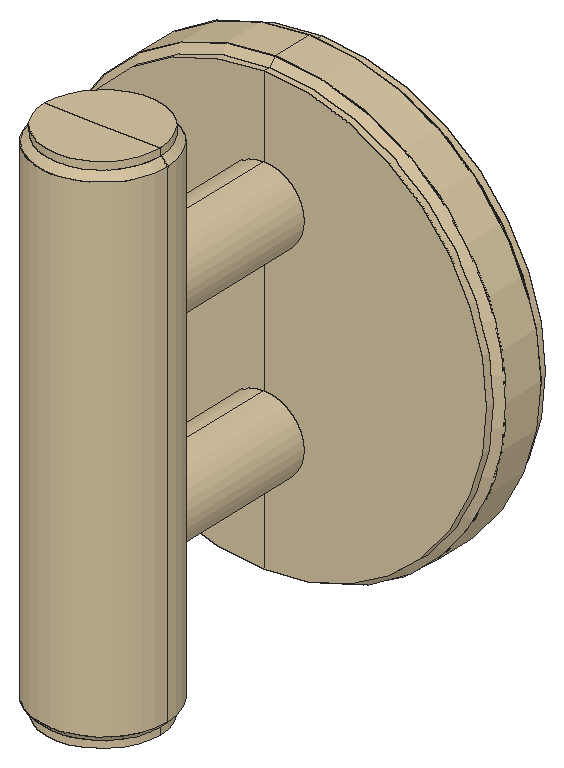
Revit family "Reece_Accessories_Milli_Marq Edit_Robe Hook", category Plumbing Fixtures, Revit 2018
Family settings
  Round Connector Dimension = Use Diameter
  Part Type = Normal
  Work Plane-Based = Yes
  Always vertical = Yes
  Cut with Voids When Loaded = Yes
  Shared = Yes
  Room Calculation Point = Yes
Parameters (values of type "Brushed Gold")
  URL = "https://www.reece.com.au/product/-21897"
  Type Comments = "Accessory"
  Reece_Product_Web Page = "https://www.reece.com.au/product/-21897"
  Reece_Product_Type = "Accessory"  # constant formula
  Reece_Product_Sub Brand = "Marq Edit\r\n"  # constant formula
  Reece_Product_Number = "21897"
  Reece_Product_Mount = "Wall Mounted"  # constant formula
  Reece_Product_Description = "Milli Marq Edit Robe Hook Brushed Gold"
  Reece_Product_Brand = "Milli"  # constant formula
  Reece_Overall_Width = 255 mm  # constant formula
  Reece_Overall_Projection = 47 mm  # constant formula
  Reece_Overall_Height = 73 mm  # constant formula
  Reece_Material_Secondary = Reece_PVD_Brushed Gold_Knurl Pattern
  Reece_Material_Main = Reece_PVD_Brushed Gold
  Reece_Height_From_Level [instance] = 1200 mm
  Reece_Detail_Shape = ""
  Reece_Detail_Installation = ""
  Reece_Detail_Disclaimer = "THIS FILE IS THE PROPERTY OF THE REECE GROUP. IT MAY NOT BE REPRODUCED, REVERSE-ENGINEERED, OR MODIFIED. ANY REPUBLICATION, TRANSMISSION, OR DISTRIBUTION FOR THE PURPOSE OF COMMERCIALLY EXPLOITING THE FILES IS PROHIBITED."  # constant formula
  Reece_Detail_Connector = ""
  Reece_Detail_Additional = "Robe Hook\r\n"  # constant formula
  Model = "Marq Edit\r\n"
  Manufacturer = "Milli"
  Keynote = "Product #21897, Reece_Accessories_Milli_Marq Edit_Robe Hook - Brushed Gold"
  Disclaimer = "THIS FILE IS THE PROPERTY OF THE REECE GROUP. IT MAY NOT BE REPRODUCED, REVERSE-ENGINEERED, OR MODIFIED. ANY REPUBLICATION, TRANSMISSION, OR DISTRIBUTION FOR THE PURPOSE OF COMMERCIALLY EXPLOITING THE FILES IS PROHIBITED."  # constant formula
  Description = "Milli Marq Edit Robe Hook Brushed Gold"
  Default Elevation = 0 mm
Types (6, lengths in mm): name | URL | Reece_Product_Web Page | Reece_Product_Number | Reece_Product_Description | Reece_Material_Secondary | Reece_Material_Main | Keynote | Description
  Chrome | "https://www.reece.com.au/product/-21894" | "https://www.reece.com.au/product/-21894" | "21894" | "Milli Marq Edit Robe Hook Chrome" | Reece_Brass_Chrome_Knurl Pattern | Reece_Brass_Chrome | "Product #21894, Reece_Accessories_Milli_Marq Edit_Robe Hook - Chrome" | "Milli Marq Edit Robe Hook Chrome"
  Brushed Nickel | "https://www.reece.com.au/product/-21896" | "https://www.reece.com.au/product/-21896" | "21896" | "Milli Marq Edit Robe Hook Brushed Nickel" | Reece_Brass_Brushed Nickel_Knurl Pattern | Reece_Brass_Brushed Nickel | "Product #21896, Reece_Accessories_Milli_Marq Edit_Robe Hook - Brushed Nickel" | "Milli Marq Edit Robe Hook Brushed Nickel"
  Matte Black | "https://www.reece.com.au/product/-21895" | "https://www.reece.com.au/product/-21895" | "21895" | "Milli Marq Edit Robe Hook Matte Black" | Reece_Brass_Matte Black_Knurl Pattern | Reece_Brass_Matte Black | "Product #21895, Reece_Accessories_Milli_Marq Edit_Robe Hook - Matte Black" | "Milli Marq Edit Robe Hook Matte Black"
  Brushed Gunmetal | "https://www.reece.com.au/product/-21898" | "https://www.reece.com.au/product/-21898" | "21898" | "Milli Marq Edit Robe Hook Brushed Gunmetal" | Reece_Brass_Brushed Gunmetal_Knurl Pattern | Reece_Brass_Brushed Gunmetal | "Product #21898, Reece_Accessories_Milli_Marq Edit_Robe Hook - Brushed Gunmetal" | "Milli Marq Edit Robe Hook Brushed Gunmetal"
  Brushed Gold | "https://www.reece.com.au/product/-21897" | "https://www.reece.com.au/product/-21897" | "21897" | "Milli Marq Edit Robe Hook Brushed Gold" | Reece_PVD_Brushed Gold_Knurl Pattern | Reece_PVD_Brushed Gold | "Product #21897, Reece_Accessories_Milli_Marq Edit_Robe Hook - Brushed Gold" | "Milli Marq Edit Robe Hook Brushed Gold"
  Brushed Bronze | "https://www.reece.com.au/product/-21899" | "https://www.reece.com.au/product/-21899" | "21899" | "Milli Marq Edit Robe Hook Brushed Bronze" | Reece_PVD_Brushed Bronze_Knurl Pattern | Reece_PVD_Brushed Bronze | "Product #21899, Reece_Accessories_Milli_Marq Edit_Robe Hook - Brushed Bronze" | "Milli Marq Edit Robe Hook Brushed Bronze"
Reference planes
  plane 1 "Center (Front/Back)": y = 0
  plane 2 "Bottom Host Plane": z = -5
  plane 3 "Center (Left/Right)": x = 0
  plane 4 "height from level": z = 1200
  plane 5: y = -47
  plane 6: z = 1231
  plane 7: z = 1169
  plane 8 "L_CTR": x = -91
  plane 9: x = -127.5
  plane 10 "Center L/U": x = -105.25
  plane 11 "Center L/V": x = -76.75
  plane 12 "RAIL 1_CTR": y = -38
  plane 13: x = 127.5
  plane 14: z = 1214.25
  plane 15: z = 1185.75
  plane 16: z = 1236.5
  plane 17: z = 1163.5
Forms (mm)
  Revolve 1, solid, material "Reece_PVD_Brushed Gold" <- "Reece_Material_Main"
    sketch origin (0, 0, 0) x (0, 1, 0) y (0, 0, 1)
      loop
        line (0, 1200) -> (0, 1230.985) -> (-1, 1230.985) -> (-2, 1231.985) -> (-2, 1200) -> (0, 1200)
      loop
        line (-10, 1200) -> (-8, 1200) -> (-8, 1231.985) -> (-9, 1230.985) -> (-10, 1230.985) -> (-10, 1200)
      axis (0, 1200) -> (-10, 1200)
    angle from 0 to 360
  Revolve 2, solid, material "Reece_PVD_Brushed Gold_Knurl Pattern" <- "Reece_Material_Secondary"
    sketch origin (0, 0, 0) x (0, 1, 0) y (0, 0, 1)
      loop
        line (-2, 1200) -> (-2, 1231.985) -> (-8, 1231.985) -> (-8, 1200) -> (-2, 1200)
      axis (-2, 1200) -> (-8, 1200)
    angle from 0 to 360
  Revolve 3, void
    sketch origin (0, 0, 0) x (0, 1, 0) y (0, 0, 1)
      loop
        line (-3, 1166.821) -> (-3, 1169) -> (-5, 1169) -> (-5, 1166.821) -> (-3, 1166.821)
      axis (-5, 1169) -> (-5, 1166.821)
    angle from 0 to 360
  Extrusion 4, solid, material "Reece_PVD_Brushed Gold" <- "Reece_Material_Main"
    sketch origin (0, -10, 1200) x (0, 0, 1) y (-1, 0, 0)
      loop
        circle (14.25, 0) r 5.5
      loop
        circle (-14.25, 0) r 5.5
    from 0 to 28
  Revolve 5, solid, material "Reece_PVD_Brushed Gold" <- "Reece_Material_Main"
    sketch origin (0, -38, 0) x (0, 0, 1) y (-1, 0, 0)
      loop
        line (1236.5, -8) -> (1236.5, 0) -> (1234.5, 0) -> (1234.5, -9) -> (1235.5, -8) -> (1236.5, -8)
      loop
        line (1163.5, -8) -> (1164.5, -8) -> (1165.5, -9) -> (1165.5, 0) -> (1163.5, 0) -> (1163.5, -8)
      axis (1236.5, 0) -> (1163.5, 0)
    angle from 0 to 360
  Revolve 6, solid, material "Reece_PVD_Brushed Gold_Knurl Pattern" <- "Reece_Material_Secondary"
    sketch origin (0, -38, 0) x (0, 0, 1) y (-1, 0, 0)
      loop
        line (1234.5, -9) -> (1234.5, 0) -> (1165.5, 0) -> (1165.5, -9) -> (1234.5, -9)
      axis (1165.5, 0) -> (1234.5, 0)
    angle from 0 to 360
  Extrusion 7, void
    sketch origin (0, -10, 1200) x (0, 0, 1) y (-1, 0, 0)
      loop
        circle (14.25, 0) r 5.5
      loop
        circle (-14.25, 0) r 5.5
    from 0 to 28
  Revolve 8, solid
    sketch origin (0, 0, 0) x (0, 1, 0) y (0, 0, 1)
      loop
        line (-3.546, 1168) -> (-3, 1169) -> (-5, 1169) -> (-5, 1168) -> (-3.546, 1168)
      axis (-5, 1169) -> (-5, 1168)
    angle from 0 to 360
  Extrusion 9, void
    sketch origin (0, -5, 1168) x (0, 1, 0) y (1, 0, 0)
      loop
        line (0, 0.8) -> (-0.693, 0.4) -> (-0.693, -0.4) -> (0, -0.8) -> (0.693, -0.4) -> (0.693, 0.4) -> (0, 0.8)
    from 0 to -0.8
Cuts and joins
  Revolve 3 cuts Revolve 2
  Extrusion 7 cuts Revolve 6
  Extrusion 9 cuts Revolve 8
Lines and regions (mm)
  model lines, style "InvisibleLines"
    curve 1: line (0, 0, 1200) -> (0, 0, -5)
Text (mm)
  text "Reece ©" at (2395.813, -2104.773, 3516.226), in view "Reece Preview"
  text "Reece ©" at (-402.991, -18.587, 0), in view "Ref. Level"
Dimensions and locks
  "Reece_Height_From_Level": plane 4 "height from level" to level
  locked: plane 2 "Bottom Host Plane" to level at 5
  equal spacing: plane 6, plane 4 "height from level", plane 7
  locked: plane 6 to plane 7 at 62
  plane 11 "Center L/V" to plane 8 "L_CTR" to plane 10 "Center L/U" = 14.25 mm locked, 14.25 mm locked
  locked: plane 10 "Center L/U" to plane 9 at 22.25
  equal spacing: plane 9, plane 3 "Center (Left/Right)", plane 13
  "Reece_Overall_Width": plane 9 to plane 13
  "Reece_Overall_Projection": plane 5 to plane 1 "Center (Front/Back)"
  plane 14 to plane 4 "height from level" to plane 15 = 14.25 mm locked, 14.25 mm locked
  Extrusion 4 sketch curve to plane 14 to Extrusion 4 sketch curve = 5.5 mm locked, 5.5 mm locked
  Extrusion 4 sketch curve to plane 15 to Extrusion 4 sketch curve = 5.5 mm locked, 5.5 mm locked
  plane 1 "Center (Front/Back)" to plane 5 = 47 mm
  Revolve 5 sketch curve to plane 4 "height from level" to Revolve 5 sketch curve = 46.124 mm locked, 68.876 mm locked
  Revolve 6 sketch curve to plane 4 "height from level" to Revolve 6 sketch curve = 71.324 mm locked, 88.676 mm locked
  locked: plane 12 "RAIL 1_CTR" to plane 5 at 9
  equal spacing: plane 16, plane 4 "height from level", plane 17
  "Reece_Overall_Height": plane 16 to plane 17
  locked: plane 7 to Revolve 8 sketch curve at 1
  Extrusion 9 sketch curve to plane 3 "Center (Left/Right)" to Extrusion 9 sketch curve = 0.4 mm locked, 0.4 mm locked
  Extrusion 9 sketch curve to Extrusion 9 sketch curve to plane 3 "Center (Left/Right)" to Extrusion 9 sketch curve to Extrusion 9 sketch curve = 0.4 mm locked, 0.4 mm locked, 0.4 mm locked, 0.4 mm locked
  aligned and locked: plane 4 "height from level" to curve 1
  aligned and locked: plane 2 "Bottom Host Plane" to curve 1
  aligned and locked: plane 3 "Center (Left/Right)" to curve 1
  aligned and locked: Revolve 1 sketch curve to plane 4 "height from level"
  aligned and locked: Revolve 2 sketch curve to plane 4 "height from level"
  aligned and locked: Revolve 5 sketch curve to plane 3 "Center (Left/Right)"
  aligned and locked: plane 3 "Center (Left/Right)" to Revolve 6 sketch curve
  aligned and locked: plane 12 "RAIL 1_CTR" to Extrusion 4
  aligned and locked: plane 12 "RAIL 1_CTR" to Extrusion 7
  aligned and locked: plane 7 to Revolve 8 sketch curve
Automatic sketch dimensions
  Revolve 1 sketch curve to plane 4 "height from level" = 0 mm  (x2)
  Revolve 1 sketch curve to plane 1 "Center (Front/Back)" = 0 mm
  Revolve 1 sketch curve to plane 6 = 0.015 mm  (x2)
  plane 1 "Center (Front/Back)" to Revolve 1 sketch curve = 1 mm
  Revolve 1 sketch curve to Revolve 1 sketch curve = 1 mm  (x2)
  Revolve 1 sketch curve to Revolve 1 sketch curve = 6 mm
  Revolve 1 sketch curve to Revolve 1 sketch curve = 2 mm
  plane 6 to Revolve 1 sketch curve = 0.985 mm  (x2)
  Revolve 1 sketch curve to plane 12 "RAIL 1_CTR" = 12.654 mm
  Revolve 1 sketch curve to Revolve 1 sketch curve = 57.654 mm
  Revolve 2 sketch curve to plane 4 "height from level" = 0 mm
  plane 1 "Center (Front/Back)" to Revolve 2 sketch curve = 8 mm
  plane 1 "Center (Front/Back)" to Revolve 2 sketch curve = 2 mm
  plane 6 to Revolve 2 sketch curve = 0.985 mm
  Revolve 2 sketch curve to Revolve 2 sketch curve = 0 mm
  Revolve 2 sketch curve to plane 1 "Center (Front/Back)" = 13.945 mm
  Revolve 3 sketch curve to plane 7 = 0 mm
  Revolve 3 sketch curve to plane 7 = 2.179 mm
  plane 1 "Center (Front/Back)" to Revolve 3 sketch curve = 5 mm
  Revolve 3 sketch curve to Revolve 3 sketch curve = 2 mm
  Revolve 3 sketch curve to Revolve 3 sketch curve = 0 mm
  Revolve 3 sketch curve to Revolve 3 sketch curve = 0.352 mm
  plane 7 to Revolve 3 sketch curve = 1.041 mm
  Revolve 1 to Extrusion 4 sketch curve = 0 mm
  Extrusion 4 sketch curve to Revolve 1 = 0 mm
  Revolve 5 sketch curve to plane 3 "Center (Left/Right)" = 0 mm  (x2)
  Revolve 5 sketch curve to plane 7 = 5.5 mm
  Revolve 5 sketch curve to Revolve 5 sketch curve = 1 mm  (x4)
  Revolve 5 sketch curve to Revolve 5 sketch curve = 2 mm  (x2)
  plane 6 to Revolve 5 sketch curve = 3.5 mm
  plane 3 "Center (Left/Right)" to Revolve 5 sketch curve = 8 mm  (x2)
  Revolve 6 sketch curve to plane 3 "Center (Left/Right)" = 0 mm
  Revolve 6 sketch curve to plane 7 = 3.5 mm
  plane 6 to Revolve 6 sketch curve = 3.5 mm
  plane 3 "Center (Left/Right)" to Revolve 6 sketch curve = 9 mm
  Extrusion 7 sketch curve to Revolve 1 = 0 mm  (x2)
  Extrusion 7 sketch curve to Extrusion 7 sketch curve = 5.5 mm  (x2)
  Extrusion 7 sketch curve to Extrusion 7 sketch curve = 0 mm  (x3)
  Extrusion 7 sketch curve to Extrusion 7 sketch curve = 28.5 mm
  plane 1 "Center (Front/Back)" to Revolve 8 sketch curve = 5 mm
  Revolve 8 sketch curve to Revolve 8 sketch curve = 1.454 mm
  Revolve 8 sketch curve to Revolve 8 sketch curve = 0.546 mm
  Revolve 8 sketch curve to Revolve 8 sketch curve = 0 mm
  Revolve 8 sketch curve to Revolve 8 sketch curve = 1.531 mm
  Revolve 8 sketch curve to Revolve 8 sketch curve = 1.041 mm
  Extrusion 9 sketch curve to Extrusion 9 sketch curve = 0.693 mm  (x3)
